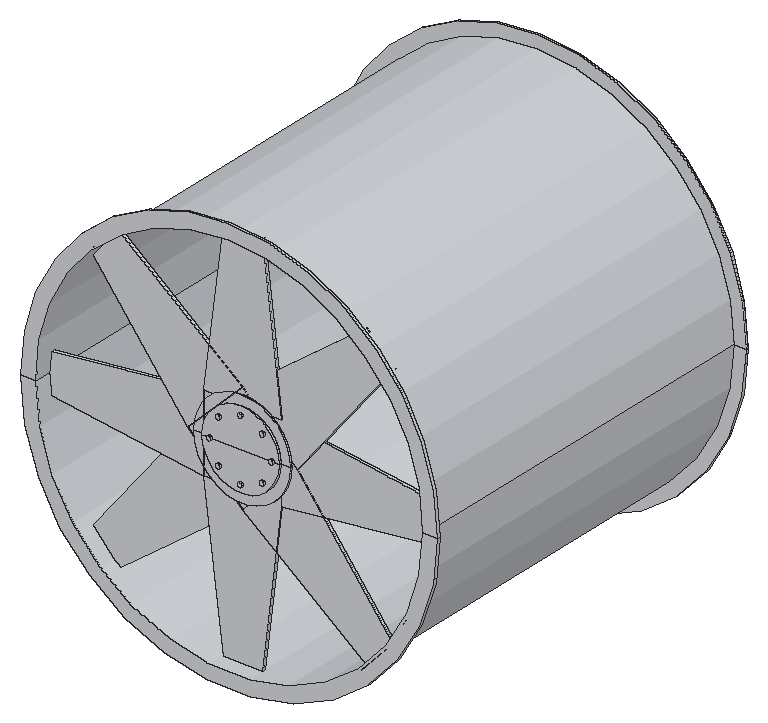
Revit family "CADS_Vent-Axia_MechEquip_Fan_BIFA_900_3Ph4P - EXTRACT", category Mechanical Equipment, Revit 2020
Family settings
  Round Connector Dimension = Use Diameter
  Part Type = Normal
  OmniClass Number = 23.75.00.00
  OmniClass Title = Climate Control (HVAC)
  Work Plane-Based = No
  Always vertical = Yes
  Cut with Voids When Loaded = No
  Shared = No
  Room Calculation Point = No
Parameters (values of type "BIFA903440")
  WorkingPressure = 0.0 Pa
  WarrantyStartDate [instance] = "1900-12-31T23:59:59"
  WarrantyPeriod = ""
  WarrantyIdentifier = "N/A"
  WarrantyGuarantorParts = "tech@vent-axia.com"
  WarrantyGuarantorLabor = "tech@vent-axia.com"
  WarrantyGuarantor = "Vent-Axia Limited"
  WarrantyEndDate [instance] = "1900-12-31T23:59:59"
  WarrantyContent = ""
  TemperatureRange = ""
  TagNumber [instance] = "N/A"
  SustainabilityPerformance = ""
  Status = "New"
  Size = ""
  Shape = ""
  ServiceLifeType = ""
  ServiceLifeDuration = ""
  SerialNumber [instance] = "N/A"
  ReplacementCost = ""
  RatedVoltage = 0 V
  RatedCurrent = 0 A
  Quantity = 1
  ProductionYear = ""
  PressureCurve = ""
  PowerFactor = ""
  PointOfContact = ""
  NumberOfPoles = 0
  NominalWidth = 900 mm
  NominalLength = 900 mm
  NominalHeight = 900 mm
  NominalFrequencyRange = ""
  NominalDiameter = 900 mm
  ModelReference = "BIF 900MM 3PH 4P 40DEG"
  ModelNumber = "BIFA903440"
  Material = ""
  ManufacturerE-Mail = "tech@vent-axia.com"
  ManufacturerAddress = "Fleming Way\nCrawley \nRH10 9YX"
  IsExtendedWarranty = no
  InsulationStandardClass = ""
  InstallationDate [instance] = "1900-12-31T23:59:59"
  IfcExportType [instance] = ""
  IfcExportAs = "IfcFanType"
  IP_Code = ""
  HasProtectiveEarth = no
  GrossWeight = 0.00 kg
  Grade = ""
  GlobalTradeItemNumber [instance] = "N/A"
  Fitting Type = "Ignore"
  Finish = ""
  Features = ""
  ExteriorInsulation = no
  ExpectedServiceLife = 0
  Exclusions = ""
  DurationUnit = "Year"
  Default Elevation = 0 mm
  Constituents = ""
  ConductorFunction = ""
  Color = ""
  CodePerformance = ""
  Category = ""
  CADS_Usage = 0
  CADS_Index = 0
  AssetType = "FIXED"
  AssetIdentifier [instance] = "N/A"
  AssemblyPlace = "UNKNOWN"
  ArticleNumber [instance] = "N/A"
  AirflowRateRange = 0.0 L/s
  Air Flow [instance] = 0.0 L/s
  AccessibilityPerformance = ""
Types (16, lengths in mm): name | ModelReference | ModelNumber
  BIFA903410 | "BIF 900MM 3PH 4P 10DEG" | "BIFA903410"
  BIFA903412 | "BIF 900MM 3PH 4P 12DEG" | "BIFA903412"
  BIFA903414 | "BIF 900MM 3PH 4P 14DEG" | "BIFA903414"
  BIFA903416 | "BIF 900MM 3PH 4P 16DEG" | "BIFA903416"
  BIFA903418 | "BIF 900MM 3PH 4P 18DEG" | "BIFA903418"
  BIFA903420 | "BIF 900MM 3PH 4P 20DEG" | "BIFA903420"
  BIFA903422 | "BIF 900MM 3PH 4P 22DEG" | "BIFA903422"
  BIFA903424 | "BIF 900MM 3PH 4P 24DEG" | "BIFA903424"
  BIFA903426 | "BIF 900MM 3PH 4P 26DEG" | "BIFA903426"
  BIFA903428 | "BIF 900MM 3PH 4P 28DEG" | "BIFA903428"
  BIFA903430 | "BIF 900MM 3PH 4P 30DEG" | "BIFA903430"
  BIFA903432 | "BIF 900MM 3PH 4P 32DEG" | "BIFA903432"
  BIFA903434 | "BIF 900MM 3PH 4P 34DEG" | "BIFA903434"
  BIFA903436 | "BIF 900MM 3PH 4P 36DEG" | "BIFA903436"
  BIFA903438 | "BIF 900MM 3PH 4P 38DEG" | "BIFA903438"
  BIFA903440 | "BIF 900MM 3PH 4P 40DEG" | "BIFA903440"
Reference planes
  plane 1 "Center (Front/Back)": y = 0
  plane 2: z = 0
  plane 3 "Center (Left/Right)": x = 0
  plane 4: x = -450
  plane 5: x = 450
  plane 6 "F": y = -450
  plane 7 "B": y = 450
  plane 8: x = -485
  plane 9: y = 445
  plane 10: y = -445
  plane 11: x = -455
  plane 12: y = -410
Forms (mm)
  Revolve 1, solid
    sketch origin (0, 0, 0) x (1, 0, 0) y (0, 1, 0)
      loop
        line (-485, -450) -> (-450, -450) -> (-450, 450) -> (-485, 450) -> (-485, 445) -> (-455, 445) -> (-455, -445) -> (-485, -445) -> (-485, -450)
      axis (0, 450) -> (0, -450)
    angle from 0 to 360
Dimensions and locks
  equal spacing: plane 4, plane 3 "Center (Left/Right)", plane 5
  equal spacing: plane 7 "B", plane 1 "Center (Front/Back)", plane 6 "F"
  "NominalLength": plane 7 "B" to plane 6 "F"
  "NominalDiameter": plane 4 to plane 5
  locked: plane 11 to plane 4 at 5
  locked: plane 8 to plane 11 at 30
  locked: plane 6 "F" to plane 10 at 5
  locked: plane 7 "B" to plane 9 at 5
  locked: plane 6 "F" to plane 12 at 40
  aligned and locked: level to plane 2
  aligned and locked: nested 1 to plane 12
Automatic sketch dimensions
  plane 6 "F" to Revolve 1 sketch curve = 0 mm
  Revolve 1 sketch curve to plane 8 = 0 mm  (x2)
  plane 10 to Revolve 1 sketch curve = 0 mm
  Revolve 1 sketch curve to plane 11 = 0 mm
  Revolve 1 sketch curve to plane 4 = 0 mm
  Revolve 1 sketch curve to plane 3 "Center (Left/Right)" = 0 mm
  plane 1 "Center (Front/Back)" to Revolve 1 sketch curve = 0 mm
  Revolve 1 sketch curve to plane 9 = 0 mm
  Revolve 1 sketch curve to plane 7 "B" = 0 mm
  plane 6 "F" to Revolve 1 sketch curve = 115 mm
Nested families
  nested 1: "Fan for BIFA" at (0, -410, 0), ND <- "NominalDiameter", type "Fan for BIFA"
    with hub 90 mm, ND 900 mm, BoltPCD 72 mm, Bolt Count 8, B_Diam 10 mm
  nested 2: "Bolts" at (0, -419.172, -72) x (-1, 0, 0) z (0, 1, 0), type "Bolts"
    with bd 10 mm
  nested 3: "Bolts" at (-50.912, -419.172, -50.912) x (-0.7071, 0, 0.7071) z (0, 1, 0), type "Bolts"
    with bd 10 mm
  nested 4: "Bolts" at (-72, -419.172, 0) x (0, 0, 1) z (0, 1, 0), type "Bolts"
    with bd 10 mm
  nested 5: "Bolts" at (-50.912, -419.172, 50.912) x (0.7071, 0, 0.7071) z (0, 1, 0), type "Bolts"
    with bd 10 mm
  nested 6: "Bolts" at (50.912, -419.172, 50.912) x (0.7071, 0, -0.7071) z (0, 1, 0), type "Bolts"
    with bd 10 mm
  nested 7: "Bolts" at (0, -419.172, 72) x (1, 0, 0) z (0, 1, 0), type "Bolts"
    with bd 10 mm
  nested 8: "BIFA Blade" at (0, -410, 0), type "BIFA Blade"
    with a 20.00°, HR 90 mm, HD 180 mm, BT 90 mm, BR 360 mm, BH 40 mm, BD 900 mm, BB 180 mm
  nested 9: "BIFA Blade" at (0, -410, 0) x (0.7071, 0, -0.7071) z (0.7071, 0, 0.7071), type "BIFA Blade"
    with a 20.00°, HR 90 mm, HD 180 mm, BT 90 mm, BR 360 mm, BH 40 mm, BD 900 mm, BB 180 mm
  nested 10: "BIFA Blade" at (0, -410, 0) x (0, 0, -1) z (1, 0, 0), type "BIFA Blade"
    with a 20.00°, HR 90 mm, HD 180 mm, BT 90 mm, BR 360 mm, BH 40 mm, BD 900 mm, BB 180 mm
  nested 11: "BIFA Blade" at (0, -410, 0) x (-0.7071, 0, -0.7071) z (0.7071, 0, -0.7071), type "BIFA Blade"
    with a 20.00°, HR 90 mm, HD 180 mm, BT 90 mm, BR 360 mm, BH 40 mm, BD 900 mm, BB 180 mm
  nested 12: "BIFA Blade" at (0, -410, 0) x (-1, 0, 0) z (0, 0, -1), type "BIFA Blade"
    with a 20.00°, HR 90 mm, HD 180 mm, BT 90 mm, BR 360 mm, BH 40 mm, BD 900 mm, BB 180 mm
  nested 13: "BIFA Blade" at (0, -410, 0) x (-0.7071, 0, -0.7071) z (-0.7071, 0, 0.7071), type "BIFA Blade"
    with a 20.00°, HR 90 mm, HD 180 mm, BT 90 mm, BR 360 mm, BH 40 mm, BD 900 mm, BB 180 mm
  nested 14: "BIFA Blade" at (0, -410, 0) x (0, 0, -1) z (-1, 0, 0), type "BIFA Blade"
    with a 20.00°, HR 90 mm, HD 180 mm, BT 90 mm, BR 360 mm, BH 40 mm, BD 900 mm, BB 180 mm
  nested 15: "BIFA Blade" at (0, -410, 0) x (0.7071, 0, -0.7071) z (-0.7071, 0, -0.7071), type "BIFA Blade"
    with a 20.00°, HR 90 mm, HD 180 mm, BT 90 mm, BR 360 mm, BH 40 mm, BD 900 mm, BB 180 mm
  nested 16: "Bolts" at (72, -419.172, 0) x (0, 0, -1) z (0, 1, 0), type "Bolts"
    with bd 10 mm
  nested 17: "Bolts" at (50.912, -419.172, -50.912) x (-0.7071, 0, -0.7071) z (0, 1, 0), type "Bolts"
    with bd 10 mm
Connectors
  hvac at (0, -450, 0), driven by "NominalDiameter", driven by "Air Flow"
    settings: on Revolve 1, index 1, duct flow 0.0 L/s, flow factor 0, pres drop 0.0 Pa, loss coef 0, conn angle 0.00°, conn width 304.8 mm, conn height 304.8 mm, conn diameter 900 mm, duct sys type 2, conn prof type 0, flow config 0, flow direction 1, loss method 0, conn ref index -1, conn util no, is conn primary yes, conn desc ""
  hvac at (0, 450, 0), driven by "NominalDiameter", driven by "Air Flow"
    settings: on Revolve 1, index 2, duct flow 0.0 L/s, flow factor 0, pres drop 0.0 Pa, loss coef 0, conn angle 0.00°, conn width 304.8 mm, conn height 304.8 mm, conn diameter 900 mm, duct sys type 3, conn prof type 0, flow config 1, flow direction 2, loss method 0, conn ref index -1, conn util no, is conn primary no, conn desc ""
Definition of nested family "Fan for BIFA"
  Parameters (values of type "Fan for BIFA")
    hub [instance] = ND / 10  # 50 mm
    ND [instance] = 500 mm
    Model = "."
    Default Elevation = 0 mm
    BoltPCD [instance] = hub - (hub * 0.2)  # 40 mm
    Bolt Count [instance] = if(hub < 50 mm, 6, 8)  # 8
    B_Diam [instance] = if(hub < 50 mm, 5 mm, 10 mm)  # 10 mm
  Reference planes
    plane 1 "Center (Front/Back)": y = 0
    plane 2: z = 0
    plane 3 "Center (Left/Right)": x = 0
    plane 4 "back": y = 20
    plane 5 "bolts": y = -9.172
    plane 6 "B": z = 50
    plane 7: x = -72.587
    plane 8: x = -50
    plane 9 "hubface": y = -6.172
  Forms (mm)
    Revolve 1, solid
      sketch origin (0, 0, 0) x (1, 0, 0) y (0, 1, 0)
        loop
          line (0, 20) -> (-50, 20) -> (-50, 10.504) -> (-72.587, 10.504) -> (-72.587, -2.597) -> (-50, -2.597) -> (-50, -6.172) -> (0, -6.172) -> (0, 20)
        axis (0, 20) -> (0, -6.172)
      angle from 0 to 360
    Extrusion 2, solid, not visible
      sketch origin (0, -6.347, -4) x (-1, 0, 0) y (0, 0, 1)
        loop
          circle (0, 84) r 5
      from 0 to 3
  Lines and regions (mm)
    symbolic lines
      curve 1: circle (0, -9.172, 0) r 40 normal (0, 1, 0)
    model lines, not visible
      curve 2: line (0, -6.347, 85) -> (0, -6.347, 75)
  Dimensions and locks
    "hub": plane 6 "B" to plane 2
    "hub": nested 3 to plane 3 "Center (Left/Right)"
    "hub": nested 4 to plane 3 "Center (Left/Right)"
    "hub": nested 5 to plane 3 "Center (Left/Right)"
    "hub": plane 3 "Center (Left/Right)" to nested 6
    "hub": Revolve 1 sketch curve to Revolve 1 sketch curve
    "hub": plane 3 "Center (Left/Right)" to nested 7
    "hub": plane 3 "Center (Left/Right)" to nested 8
    "hub": plane 3 "Center (Left/Right)" to nested 9
    "hub": plane 8 to plane 3 "Center (Left/Right)"
    plane 7 to plane 8 = 22.587 mm
    diameter of Extrusion 2 sketch curve = 10 mm
    "BoltPCD": radius of curve 1
    "BoltPCD": radius of radial array
    aligned and locked: level to plane 2
    aligned and locked: plane 6 "B" to nested 1
  Automatic sketch dimensions
    Revolve 1 sketch curve to plane 7 = 0 mm
    Revolve 1 sketch curve to plane 8 = 0 mm  (x2)
    Revolve 1 sketch curve to plane 3 "Center (Left/Right)" = 0 mm
    Revolve 1 sketch curve to plane 9 "hubface" = 0 mm
    plane 4 "back" to Revolve 1 sketch curve = 0 mm
    plane 1 "Center (Front/Back)" to Revolve 1 sketch curve = 2.597 mm
    plane 4 "back" to Revolve 1 sketch curve = 9.496 mm
    plane 4 "back" to Revolve 1 sketch curve = 5 mm
    Revolve 1 sketch curve to Revolve 1 sketch curve = 45 mm
    curve 1 to level = 0 mm
    curve 1 to plane 3 "Center (Left/Right)" = 0 mm
  Nested families
    nested 1: "BIFA Blade" at (0, 0, 25), BD <- "ND", HD <- "hub", type "BIFA Blade"
      with a 20.00°, HR 25 mm, HD 50 mm, BT 25 mm, BR 100 mm, BH 40 mm, BD 250 mm, BB 50 mm
    nested 2: "BIFA Blade" at (0, 0, 55), BD <- "ND", HD <- "hub", type "BIFA Blade", not visible
      with a 20.00°, HR 25 mm, HD 50 mm, BT 25 mm, BR 100 mm, BH 40 mm, BD 250 mm, BB 50 mm
    nested 3: "BIFA Blade" at (17.678, 0, 17.678) x (0.7071, 0, -0.7071) z (0.7071, 0, 0.7071), BD <- "ND", HD <- "hub", type "BIFA Blade"
      with a 20.00°, HR 25 mm, HD 50 mm, BT 25 mm, BR 100 mm, BH 40 mm, BD 250 mm, BB 50 mm
    nested 4: "BIFA Blade" at (25, 0, 0) x (0, 0, -1) z (1, 0, 0), BD <- "ND", HD <- "hub", type "BIFA Blade"
      with a 20.00°, HR 25 mm, HD 50 mm, BT 25 mm, BR 100 mm, BH 40 mm, BD 250 mm, BB 50 mm
    nested 5: "BIFA Blade" at (17.678, 0, -17.678) x (-0.7071, 0, -0.7071) z (0.7071, 0, -0.7071), BD <- "ND", HD <- "hub", type "BIFA Blade"
      with a 20.00°, HR 25 mm, HD 50 mm, BT 25 mm, BR 100 mm, BH 40 mm, BD 250 mm, BB 50 mm
    nested 6: "BIFA Blade" at (0, 0, -25) x (-1, 0, 0) z (0, 0, -1), BD <- "ND", HD <- "hub", type "BIFA Blade"
      with a 20.00°, HR 25 mm, HD 50 mm, BT 25 mm, BR 100 mm, BH 40 mm, BD 250 mm, BB 50 mm
    nested 7: "BIFA Blade" at (-17.678, 0, 17.678) x (-0.7071, 0, -0.7071) z (-0.7071, 0, 0.7071), BD <- "ND", HD <- "hub", type "BIFA Blade"
      with a 20.00°, HR 25 mm, HD 50 mm, BT 25 mm, BR 100 mm, BH 40 mm, BD 250 mm, BB 50 mm
    nested 8: "BIFA Blade" at (-25, 0, 0) x (0, 0, -1) z (-1, 0, 0), BD <- "ND", HD <- "hub", type "BIFA Blade"
      with a 20.00°, HR 25 mm, HD 50 mm, BT 25 mm, BR 100 mm, BH 40 mm, BD 250 mm, BB 50 mm
    nested 9: "BIFA Blade" at (-17.678, 0, -17.678) x (0.7071, 0, -0.7071) z (-0.7071, 0, -0.7071), BD <- "ND", HD <- "hub", type "BIFA Blade"
      with a 20.00°, HR 25 mm, HD 50 mm, BT 25 mm, BR 100 mm, BH 40 mm, BD 250 mm, BB 50 mm
    nested 10: "Bolts" at (0, -9.172, 40) x (1, 0, 0) z (0, 1, 0), bd <- "B_Diam", type "Bolts"
      with bd 10 mm
    nested 11: "Bolts" at (28.284, -9.172, 28.284) x (0.7071, 0, -0.7071) z (0, 1, 0), bd <- "B_Diam", type "Bolts"
      with bd 10 mm
    nested 12: "Bolts" at (-28.284, -9.172, 28.284) x (0.7071, 0, 0.7071) z (0, 1, 0), bd <- "B_Diam", type "Bolts"
      with bd 10 mm
    nested 13: "Bolts" at (-40, -9.172, 0) x (0, 0, 1) z (0, 1, 0), bd <- "B_Diam", type "Bolts"
      with bd 10 mm
    nested 14: "Bolts" at (-28.284, -9.172, -28.284) x (-0.7071, 0, 0.7071) z (0, 1, 0), bd <- "B_Diam", type "Bolts"
      with bd 10 mm
    nested 15: "Bolts" at (0, -9.172, -40) x (-1, 0, 0) z (0, 1, 0), bd <- "B_Diam", type "Bolts"
      with bd 10 mm
    nested 16: "Bolts" at (28.284, -9.172, -28.284) x (-0.7071, 0, -0.7071) z (0, 1, 0), bd <- "B_Diam", type "Bolts"
      with bd 10 mm
    nested 17: "Bolts" at (40, -9.172, 0) x (0, 0, -1) z (0, 1, 0), bd <- "B_Diam", type "Bolts"
      with bd 10 mm
  Definition of nested family "BIFA Blade"
    Parameters (values of type "BIFA Blade")
      a [instance] = 20.00°
      HR [instance] = HD / 2  # 30 mm
      HD [instance] = BD / 5  # 60 mm
      Default Elevation = 1219.2 mm
      BT [instance] = BD / 10  # 30 mm
      BR [instance] = (BD / 2) - HR  # 120 mm
      BH [instance] = 40 mm
      BD [instance] = 300 mm
      BB [instance] = BD / 5  # 60 mm
    Reference planes
      plane 1 "Center (Front/Back)": y = 0
      plane 2: z = 0
      plane 3 "Center (Left/Right)": x = 0
      plane 4 "Blade Bot": z = 30
      plane 5: x = -30
      plane 6: x = 30
      plane 7: x = -15
      plane 8: x = 15
    Forms (mm)
      Blend 1, solid
        base sketch origin (0, 0, 30) x (-1, 0, 0) y (0, -1, 0)
          loop
            line (30, 0) -> (-30, 0) -> (-30, -6) -> (30, -6) -> (30, 0)
        top sketch origin (0, 0, 30) x (-1, 0, 0) y (0, -1, 0)
          loop
            line (15, -6) -> (15, 0) -> (-15, 0) -> (-15, -6) -> (15, -6)
        from 0 to 120 <- "BR"
    Dimensions and locks
      "HR": plane 4 "Blade Bot" to level
      equal spacing: plane 8, plane 3 "Center (Left/Right)", plane 7
      "BT": plane 8 to plane 7
      equal spacing: plane 6, plane 3 "Center (Left/Right)", plane 5
      "BB": plane 6 to plane 5
      aligned and locked: level to plane 2
    Automatic sketch dimensions
      plane 1 "Center (Front/Back)" to Blend 1 sketch curve = 0 mm  (x2)
      Blend 1 sketch curve to plane 6 = 0 mm
      Blend 1 sketch curve to plane 5 = 0 mm
      Blend 1 sketch curve to plane 1 "Center (Front/Back)" = 6 mm  (x2)
      Blend 1 sketch curve to plane 8 = 0 mm
      Blend 1 sketch curve to plane 7 = 0 mm
  Definition of nested family "Bolts"
    Parameters
      bd [instance] = 10 mm
      Default Elevation = 1219.2 mm
    Reference planes
      plane 1 "Center (Front/Back)": y = 0
      plane 2: z = 0
      plane 3 "Center (Left/Right)": x = 0
    Forms (mm)
      Extrusion 1, solid
        sketch origin (0, 0, 0) x (1, 0, 0) y (0, 1, 0)
          loop
            line (-1219.2, 1219.2) -> (-1219.2, -1219.2) -> (1219.2, -1219.2) -> (1219.2, 1219.2) -> (-1219.2, 1219.2)
        from 0 to -304.8
      Extrusion 2, solid
        sketch origin (0, 0, 0) x (1, 0, 0) y (0, 1, 0)
          loop
            circle (0, 0) r 5
        from 0 to 3
    Dimensions and locks
      "bd": diameter of Extrusion 2 sketch curve
      aligned and locked: plane 2 to Extrusion 1
      aligned and locked: level to Extrusion 1
    Automatic sketch dimensions
      Extrusion 1 sketch curve to Extrusion 1 sketch curve = 2438.4 mm  (x2)
      plane 1 "Center (Front/Back)" to Extrusion 2 sketch curve = 0 mm
      Extrusion 2 sketch curve to plane 3 "Center (Left/Right)" = 0 mm
Definition of nested family "Bolts"
  Parameters
    bd [instance] = 10 mm
    Default Elevation = 1219.2 mm
  Reference planes
    plane 1 "Center (Front/Back)": y = 0
    plane 2: z = 0
    plane 3 "Center (Left/Right)": x = 0
  Forms (mm)
    Extrusion 1, solid
      sketch origin (0, 0, 0) x (1, 0, 0) y (0, 1, 0)
        loop
          line (-1219.2, 1219.2) -> (-1219.2, -1219.2) -> (1219.2, -1219.2) -> (1219.2, 1219.2) -> (-1219.2, 1219.2)
      from 0 to -304.8
    Extrusion 2, solid
      sketch origin (0, 0, 0) x (1, 0, 0) y (0, 1, 0)
        loop
          circle (0, 0) r 5
      from 0 to 3
  Dimensions and locks
    "bd": diameter of Extrusion 2 sketch curve
    aligned and locked: plane 2 to Extrusion 1
    aligned and locked: level to Extrusion 1
  Automatic sketch dimensions
    Extrusion 1 sketch curve to Extrusion 1 sketch curve = 2438.4 mm  (x2)
    plane 1 "Center (Front/Back)" to Extrusion 2 sketch curve = 0 mm
    Extrusion 2 sketch curve to plane 3 "Center (Left/Right)" = 0 mm
Definition of nested family "BIFA Blade"
  Parameters (values of type "BIFA Blade")
    a [instance] = 20.00°
    HR [instance] = HD / 2  # 30 mm
    HD [instance] = BD / 5  # 60 mm
    Default Elevation = 1219.2 mm
    BT [instance] = BD / 10  # 30 mm
    BR [instance] = (BD / 2) - HR  # 120 mm
    BH [instance] = 40 mm
    BD [instance] = 300 mm
    BB [instance] = BD / 5  # 60 mm
  Reference planes
    plane 1 "Center (Front/Back)": y = 0
    plane 2: z = 0
    plane 3 "Center (Left/Right)": x = 0
    plane 4 "Blade Bot": z = 30
    plane 5: x = -30
    plane 6: x = 30
    plane 7: x = -15
    plane 8: x = 15
  Forms (mm)
    Blend 1, solid
      base sketch origin (0, 0, 30) x (-1, 0, 0) y (0, -1, 0)
        loop
          line (30, 0) -> (-30, 0) -> (-30, -6) -> (30, -6) -> (30, 0)
      top sketch origin (0, 0, 30) x (-1, 0, 0) y (0, -1, 0)
        loop
          line (15, -6) -> (15, 0) -> (-15, 0) -> (-15, -6) -> (15, -6)
      from 0 to 120 <- "BR"
  Dimensions and locks
    "HR": plane 4 "Blade Bot" to level
    equal spacing: plane 8, plane 3 "Center (Left/Right)", plane 7
    "BT": plane 8 to plane 7
    equal spacing: plane 6, plane 3 "Center (Left/Right)", plane 5
    "BB": plane 6 to plane 5
    aligned and locked: level to plane 2
  Automatic sketch dimensions
    plane 1 "Center (Front/Back)" to Blend 1 sketch curve = 0 mm  (x2)
    Blend 1 sketch curve to plane 6 = 0 mm
    Blend 1 sketch curve to plane 5 = 0 mm
    Blend 1 sketch curve to plane 1 "Center (Front/Back)" = 6 mm  (x2)
    Blend 1 sketch curve to plane 8 = 0 mm
    Blend 1 sketch curve to plane 7 = 0 mm
